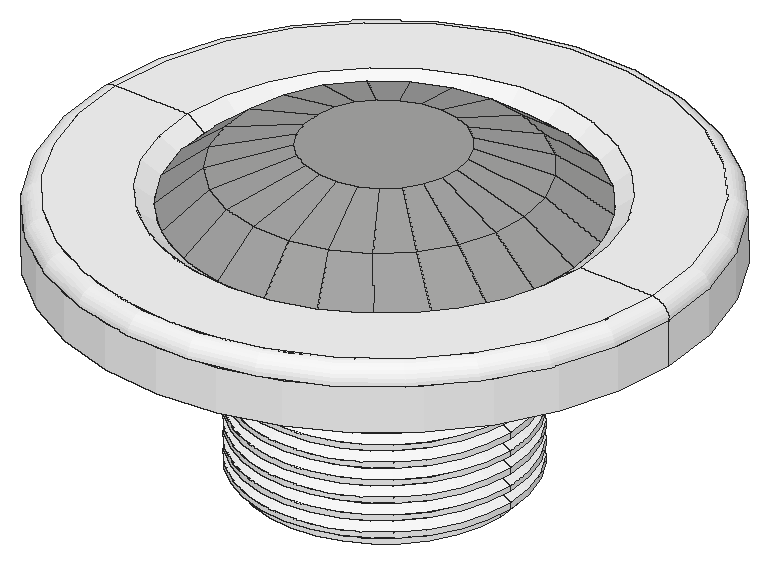
Revit family "BTSMP-OMNI", category Communication Devices, host Face, Revit 2014
Parameters
  Warranty = "5-Years Warranty"  # constant formula
  Type Comments = "Bluetooth® OMNI Sensor Module"  # constant formula
  Product Page URL = "https://www.hubbell.com/hubbellcontrolsolutions/en/Products/Lighting-Controls/Lighting-Controls-Sensors/OEM-Fixture-Controls/Bluetooth-OMNI-Sensor-Module/p/7413861"
  Product Documentation Link = "https://hubbellcdn.com/specsheet/HCS_1904A_BT-OMNI_SPEC.pdf"
  URL = "https://www.hubbell.com/hubbellcontrolsolutions/en"
  Power Requirements = "Low Voltage sensors: 12-32VDC (Requires\r\nDim to Off driver with auxiliary power or low\r\nvoltage power supply - Not included)"  # constant formula
  Mounting = ":2.75 (Mounting Height : Coverage Radius);\r\nUp to 14ft"  # constant formula
  Model = "Bluetooth® OMNI Sensor Module"  # constant formula
  Manufacturer = "Hubbell Control Solutions"  # constant formula
  Sensing Element = Paint - Hubbell - Gray Smooth
  Description = "• Passive Infrared (PIR) sensing technology provides excellent major\r\nmotion detection\r\n• Wireless programming using HCS controlHUBB mobile app\r\n• 0-10V dimming control\r\n• Single/Dual motion sensor timer modes\r\n• Daylight sensor with multiple daylight harvesting modes\r"  # constant formula
  Default Elevation = 48.00"
  Copyright = "Copyright © 2021 Hubbell Control Solutions"  # constant formula
  Contact Us = "https://www.hubbell.com/hubbellcontrolsolutions/en/contactUs"
  Housing Material = Paint - Hubbell - Matte White
  Certifications = "Conforms with UL STD 508, UL STD 244A\r\n• OMNI-O: IP65 Rated"  # constant formula
  Assembly Code = "D5090"
Reference planes (in)
  plane 1 "Center (Front/Back)": y = 10.63342
  plane 2: z = 0
  plane 3 "Center (Left/Right)": x = 0
  plane 4: x = -1.75
  plane 5: x = 1.75
  plane 6: y = 12.38342
  plane 7: y = 8.88342
  plane 8: z = 0.6
  plane 9: z = -1.2
Forms (in)
  Revolve 1, solid, material "Paint - Hubbell - Matte White" <- "Housing Material"
    sketch origin (0, 10.63342, 0) x (1, 0, 0) y (0, 0, 1)
      loop
        line (0, -1.19844) -> (0, 0.27526) -> (-1.10848, 0.27526) -> (-1.20628, 0.34375) -> (-1.65, 0.34375)
        arc (-1.65, 0.34375) -> (-1.72071, 0.31446) -> (-1.75, 0.24375) r 0.1
        line (-1.75, 0.24375) -> (-1.75, -0.00781) -> (-0.71434, -0.00781) -> (-0.77542, -0.04308) -> (-0.77542, -0.07408) -> (-0.71875, -0.1068) -> (-0.77542, -0.13951) -> (-0.77542, -0.17051) -> (-0.71875, -0.20323) -> (-0.77542, -0.23595) -> (-0.77542, -0.26695) -> (-0.71875, -0.29967) -> (-0.77542, -0.33239) -> (-0.77542, -0.36339) -> (-0.71875, -0.3961) -> (-0.77542, -0.42882) -> (-0.77542, -0.45982) -> (-0.71875, -0.49254) -> (-0.77542, -0.52526) -> (-0.77542, -0.55626) -> (-0.71875, -0.58898) -> (-0.77542, -0.62169) -> (-0.77542, -0.65269) -> (-0.71875, -0.68541) -> (-0.77542, -0.71813) -> (-0.77542, -0.74913) -> (-0.71875, -0.78185) -> (-0.77542, -0.81457) -> (-0.77542, -0.84557) -> (-0.71875, -0.87828) -> (-0.77542, -0.911) -> (-0.77542, -0.942) -> (-0.71875, -0.97472) -> (-0.77542, -1.00744) -> (-0.77542, -1.03844) -> (-0.71875, -1.07116) -> (-0.77542, -1.10387) -> (-0.77542, -1.13487) -> (-0.71875, -1.16759) -> (-0.71875, -1.19844) -> (0, -1.19844)
      axis (0, 0.34375) -> (0, -1.19844)
    angle from 0 to 360
  Blend 2, solid, material "Paint - Hubbell - Gray Smooth" <- "Sensing Element"
    base sketch origin (-0.01563, -0.00912, 0) x (1, 0, 0) y (0, 1, 0)
      loop
        line (0.01563, 11.75459) -> (-0.26093, 11.71965) -> (-0.52011, 11.61704) -> (-0.74562, 11.45319) -> (-0.92331, 11.23841) -> (-1.04199, 10.98618) -> (-1.09423, 10.71237) -> (-1.07672, 10.43417) -> (-0.99058, 10.16906) -> (-0.84122, 9.9337) -> (-0.63802, 9.74288) -> (-0.39375, 9.60859) -> (-0.12375, 9.53927) -> (0.155, 9.53927) -> (0.425, 9.60859) -> (0.66927, 9.74288) -> (0.87247, 9.9337) -> (1.02183, 10.16906) -> (1.10797, 10.43417) -> (1.12548, 10.71237) -> (1.07324, 10.98618) -> (0.95456, 11.23841) -> (0.77687, 11.45319) -> (0.55136, 11.61704) -> (0.29218, 11.71965) -> (0.01563, 11.75459)
    top sketch origin (-0.01563, -0.00912, 0) x (1, 0, 0) y (0, 1, 0)
      loop
        line (0, 11.48206) -> (-0.21105, 11.4554) -> (-0.40884, 11.37709) -> (-0.58093, 11.25205) -> (-0.71653, 11.08814) -> (-0.8071, 10.89566) -> (-0.84696, 10.68671) -> (-0.83361, 10.4744) -> (-0.76787, 10.27209) -> (-0.65389, 10.09248) -> (-0.49882, 9.94686) -> (-0.31241, 9.84437) -> (-0.10636, 9.79147) -> (0.10636, 9.79147) -> (0.31241, 9.84437) -> (0.49882, 9.94686) -> (0.65389, 10.09248) -> (0.76787, 10.27209) -> (0.83361, 10.4744) -> (0.84696, 10.68671) -> (0.8071, 10.89566) -> (0.71653, 11.08814) -> (0.58093, 11.25205) -> (0.40884, 11.37709) -> (0.21105, 11.4554) -> (0, 11.48206)
    from 0.27526 to 0.47337
  Blend 3, solid, material "Paint - Hubbell - Gray Smooth" <- "Sensing Element"
    base sketch origin (0, 0, 0) x (1, 0, 0) y (0, 1, 0)
      loop
        line (-0.01562, 11.47294) -> (-0.22667, 11.44627) -> (-0.42446, 11.36796) -> (-0.59656, 11.24293) -> (-0.73216, 11.07902) -> (-0.82273, 10.88654) -> (-0.86259, 10.67758) -> (-0.84923, 10.46528) -> (-0.7835, 10.26296) -> (-0.66951, 10.08335) -> (-0.51444, 9.93773) -> (-0.32803, 9.83525) -> (-0.12199, 9.78235) -> (0.09074, 9.78235) -> (0.29678, 9.83525) -> (0.48319, 9.93773) -> (0.63826, 10.08335) -> (0.75225, 10.26296) -> (0.81798, 10.46528) -> (0.83134, 10.67758) -> (0.79148, 10.88654) -> (0.70091, 11.07902) -> (0.56531, 11.24293) -> (0.39321, 11.36796) -> (0.19542, 11.44627) -> (-0.01562, 11.47294)
    top sketch origin (0, 0, 0) x (1, 0, 0) y (0, 1, 0)
      loop
        line (0, 11.06751) -> (-0.10795, 11.05387) -> (-0.20913, 11.01382) -> (-0.29716, 10.94986) -> (-0.36652, 10.86602) -> (-0.41285, 10.76756) -> (-0.43324, 10.66068) -> (-0.4264, 10.55208) -> (-0.39278, 10.44859) -> (-0.33447, 10.35672) -> (-0.25515, 10.28223) -> (-0.1598, 10.22981) -> (-0.05441, 10.20275) -> (0.05441, 10.20275) -> (0.1598, 10.22981) -> (0.25515, 10.28223) -> (0.33447, 10.35672) -> (0.39278, 10.44859) -> (0.4264, 10.55208) -> (0.43324, 10.66068) -> (0.41285, 10.76756) -> (0.36652, 10.86602) -> (0.29716, 10.94986) -> (0.20913, 11.01382) -> (0.10795, 11.05387) -> (0, 11.06751)
    from 0.47337 to 0.6
Cuts and joins
  joined: Blend 2, Blend 3
Dimensions and locks (in)
  plane 8 to plane 9 = 1.80"
  plane 2 to plane 9 = 1.20"
  aligned and locked: plane 2 to host face
  aligned and locked: level to host face
  aligned and locked: Blend 2 to Revolve 1
Connectors (in)
  electrical at (0, 10.63342, -0.00781)
    settings: on Revolve 1, index 1, voltage 0 V, apparent load 0 VA, apparent load phase1 0 VA, apparent load phase2 0 VA, apparent load phase3 0 VA, power factor 1, load classification "Other", number of poles 1, system type 13, power factor state 1, is connector primary yes, connector utility no, sub classification motor no, connector description "Sensor Module"
